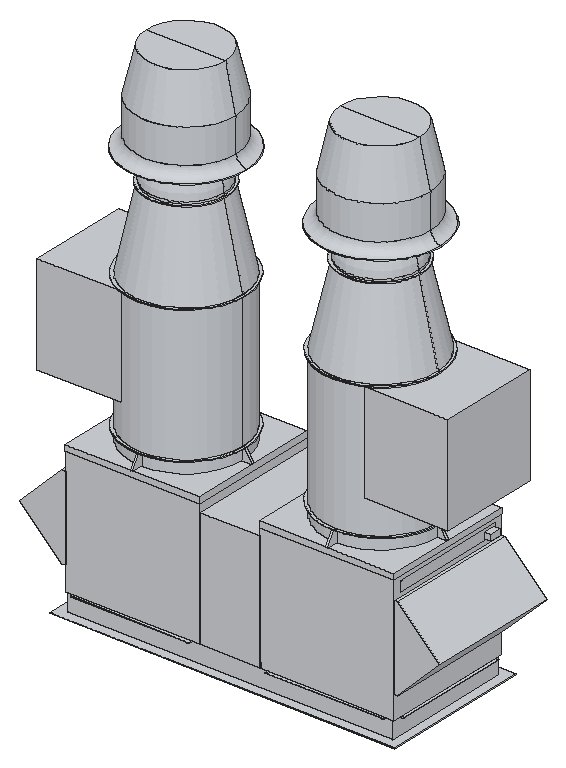
Revit family "QMXVP_with_1X2_Mixing_Box_Ends", category Mechanical Equipment, Revit 2019 (continued)
Types (225): name | UNIT_RADIUS+4" | UNIT_RADIUS*.6 | UNIT_RADIUS | UNIT_RAD+((A/2)+.25")+4" | UNIT_RAD+((A/2)+.25") | UNIT_OD | UNIT_HEIGHT*.75 | UNIT_HEIGHT | TYPE | TRANSITION_TOP | RO2/2 | RO/2 | RO | NOZZLE_WB_RAD-2" | NOZZLE_WB_RAD | NOZZLE_WB/4 | NOZZLE_TOP_RAD | NOZZLE_TOP_OD | NOZZLE_SIZE | NOZZLE_HEIGHT/7*2 | NOZZLE_HEIGHT | NOZZLE_BOTTOM_RAD | NOZZLE_WB_OD | NOZZLE_BOTTOM_ID | MB_HT/2 | MB_HT-2.75" | MB_HT+.25" | MB_HT | MB_A | LONG_RO/2 | LONG_RO | GA | E | DUAL_G | DUAL_F+1" | DUAL_F | C/2 | C | B/2 | B | A/2 | A+.5 | A | Type Comments | Model | -A | (NOZZLE_WB_OD-NOZZLE_TOP_OD)/2 | (NOZZLE_HEIGHT-(NOZZLE_HEIGHT/8*2))/2 | (A/2)-2" | (A/2)-.5" | (A/2)+.5" | (A/2)+.25"
  150_QMXHPVP-9L-1X2_Mixing_Box_Ends | 14 11/16" | 9.61875" | 10 11/16" | 29 15/16" | 25 15/16" | 21 3/8" | 22 1/2" | 30" | 12" | 54 1/4" | 11 15/32" | 11 15/32" | 22 15/16" | 9 1/2" | 11 1/2" | 4.6" | 6 3/4" | 13 1/2" | 108" | 7" | 28" | 6 13/32" | 23" | 12 13/16" | 17 19/32" | 32 7/16" | 35 7/16" | 35 3/16" | 38" | 30 17/32" | 61 1/16" | 27/256" | 29 1/8" | 67 5/16" | 69" | 68" | 21" | 42" | 43 1/2" | 87" | 15" | 30 1/2" | 30" | "Vari-Plume Laboratory Exhaust Mixed-Flow High Pressure Inline Belt Drive With 1X2 Mixing Box With Weather Hoods On Sides\r\n" | "QMXHPVP-1X2_Mixing Box_Sides" | -30" | 2 3/8" | 10 1/2" | 13" | -14 1/2" | -15 1/2" | 15 1/4"
  165_QMXHPVP-12H-1X2_Mixing_Box_Ends | 15 3/4" | 10.575" | 11 3/4" | 32" | 28" | 23 1/2" | 24 3/4" | 33" | 12" | 53 1/4" | 12 15/32" | 12 15/32" | 24 15/16" | 12" | 14" | 5.6" | 9 3/4" | 19 1/2" | 144" | 8" | 32" | 8 17/32" | 28" | 17 1/16" | 18 15/32" | 34 3/16" | 37 3/16" | 36 15/16" | 41" | 32 17/32" | 65 1/16" | 27/256" | 31 1/8" | 71 5/16" | 73" | 72" | 22" | 44" | 44 1/2" | 89" | 16" | 32 1/2" | 32" | "Vari-Plume Laboratory Exhaust Mixed-Flow High Pressure Inline Belt Drive With 1X2 Mixing Box With Weather Hoods On Sides\r\n" | "QMXHPVP-1X2_Mixing Box_Sides" | -32" | 2 1/8" | 12" | 14" | -15 1/2" | -16 1/2" | 16 1/4"
  165_QMXHPVP-12L-1X2_Mixing_Box_Ends | 15 3/4" | 10.575" | 11 3/4" | 32" | 28" | 23 1/2" | 24 3/4" | 33" | 12" | 53 1/4" | 12 15/32" | 12 15/32" | 24 15/16" | 12" | 14" | 5.6" | 9 3/4" | 19 1/2" | 144" | 8" | 32" | 8 17/32" | 28" | 17 1/16" | 18 15/32" | 34 3/16" | 37 3/16" | 36 15/16" | 41" | 32 17/32" | 65 1/16" | 27/256" | 31 1/8" | 71 5/16" | 73" | 72" | 22" | 44" | 44 1/2" | 89" | 16" | 32 1/2" | 32" | "Vari-Plume Laboratory Exhaust Mixed-Flow High Pressure Inline Belt Drive With 1X2 Mixing Box With Weather Hoods On Sides\r\n" | "QMXHPVP-1X2_Mixing Box_Sides" | -32" | 2 1/8" | 12" | 14" | -15 1/2" | -16 1/2" | 16 1/4"
  165_QMXHPVP-15H-1X2_Mixing_Box_Ends | 15 3/4" | 10.575" | 11 3/4" | 32" | 28" | 23 1/2" | 24 3/4" | 33" | 12" | 45 5/16" | 12 15/32" | 12 15/32" | 24 15/16" | 16" | 18" | 7.2" | 11 1/2" | 23" | 180" | 10 3/4" | 43" | 10 11/16" | 36" | 21 3/8" | 18 15/32" | 34 3/16" | 37 3/16" | 36 15/16" | 41" | 32 17/32" | 65 1/16" | 27/256" | 31 1/8" | 71 5/16" | 73" | 72" | 22" | 44" | 44 1/2" | 89" | 16" | 32 1/2" | 32" | "Vari-Plume Laboratory Exhaust Mixed-Flow High Pressure Inline Belt Drive With 1X2 Mixing Box With Weather Hoods On Sides\r\n" | "QMXHPVP-1X2_Mixing Box_Sides" | -32" | 3 1/4" | 16 1/8" | 14" | -15 1/2" | -16 1/2" | 16 1/4"
  165_QMXHPVP-15L-1X2_Mixing_Box_Ends | 15 3/4" | 10.575" | 11 3/4" | 32" | 28" | 23 1/2" | 24 3/4" | 33" | 12" | 45 5/16" | 12 15/32" | 12 15/32" | 24 15/16" | 16" | 18" | 7.2" | 11 1/2" | 23" | 180" | 10 3/4" | 43" | 10 11/16" | 36" | 21 3/8" | 18 15/32" | 34 3/16" | 37 3/16" | 36 15/16" | 41" | 32 17/32" | 65 1/16" | 27/256" | 31 1/8" | 71 5/16" | 73" | 72" | 22" | 44" | 44 1/2" | 89" | 16" | 32 1/2" | 32" | "Vari-Plume Laboratory Exhaust Mixed-Flow High Pressure Inline Belt Drive With 1X2 Mixing Box With Weather Hoods On Sides\r\n" | "QMXHPVP-1X2_Mixing Box_Sides" | -32" | 3 1/4" | 16 1/8" | 14" | -15 1/2" | -16 1/2" | 16 1/4"
  165_QMXHPVP-9H-1X2_Mixing_Box_Ends | 15 3/4" | 10.575" | 11 3/4" | 32" | 28" | 23 1/2" | 24 3/4" | 33" | 12" | 61 1/4" | 12 15/32" | 12 15/32" | 24 15/16" | 9 1/2" | 11 1/2" | 4.6" | 6 3/4" | 13 1/2" | 108" | 7" | 28" | 6 13/32" | 23" | 12 13/16" | 18 15/32" | 34 3/16" | 37 3/16" | 36 15/16" | 41" | 32 17/32" | 65 1/16" | 27/256" | 31 1/8" | 71 5/16" | 73" | 72" | 22" | 44" | 44 1/2" | 89" | 16" | 32 1/2" | 32" | "Vari-Plume Laboratory Exhaust Mixed-Flow High Pressure Inline Belt Drive With 1X2 Mixing Box With Weather Hoods On Sides\r\n" | "QMXHPVP-1X2_Mixing Box_Sides" | -32" | 2 3/8" | 10 1/2" | 14" | -15 1/2" | -16 1/2" | 16 1/4"
  165_QMXHPVP-9L-1X2_Mixing_Box_Ends | 15 3/4" | 10.575" | 11 3/4" | 32" | 28" | 23 1/2" | 24 3/4" | 33" | 12" | 61 1/4" | 12 15/32" | 12 15/32" | 24 15/16" | 9 1/2" | 11 1/2" | 4.6" | 6 3/4" | 13 1/2" | 108" | 7" | 28" | 6 13/32" | 23" | 12 13/16" | 18 15/32" | 34 3/16" | 37 3/16" | 36 15/16" | 41" | 32 17/32" | 65 1/16" | 27/256" | 31 1/8" | 71 5/16" | 73" | 72" | 22" | 44" | 44 1/2" | 89" | 16" | 32 1/2" | 32" | "Vari-Plume Laboratory Exhaust Mixed-Flow High Pressure Inline Belt Drive With 1X2 Mixing Box With Weather Hoods On Sides\r\n" | "QMXHPVP-1X2_Mixing Box_Sides" | -32" | 2 3/8" | 10 1/2" | 14" | -15 1/2" | -16 1/2" | 16 1/4"
  180_QMXHPVP-12H-1X2_Mixing_Box_Ends | 16 13/16" | 11 17/32" | 12 13/16" | 34 1/16" | 30 1/16" | 25 5/8" | 26 1/4" | 35" | 12" | 59 1/16" | 13 15/32" | 13 15/32" | 26 15/16" | 12" | 14" | 5.6" | 9 3/4" | 19 1/2" | 144" | 8" | 32" | 8 17/32" | 28" | 17 1/16" | 18 27/32" | 34 15/16" | 37 15/16" | 37 11/16" | 44" | 38 17/32" | 77 1/16" | 27/256" | 33 1/8" | 83 5/16" | 85" | 84" | 23" | 46" | 49" | 98" | 17" | 34 1/2" | 34" | "Vari-Plume Laboratory Exhaust Mixed-Flow High Pressure Inline Belt Drive With 1X2 Mixing Box With Weather Hoods On Sides\r\n" | "QMXHPVP-1X2_Mixing Box_Sides" | -34" | 2 1/8" | 12" | 15" | -16 1/2" | -17 1/2" | 17 1/4"
  180_QMXHPVP-12L-1X2_Mixing_Box_Ends | 16 13/16" | 11 17/32" | 12 13/16" | 34 1/16" | 30 1/16" | 25 5/8" | 26 1/4" | 35" | 12" | 59 1/16" | 13 15/32" | 13 15/32" | 26 15/16" | 12" | 14" | 5.6" | 9 3/4" | 19 1/2" | 144" | 8" | 32" | 8 17/32" | 28" | 17 1/16" | 18 27/32" | 34 15/16" | 37 15/16" | 37 11/16" | 44" | 38 17/32" | 77 1/16" | 27/256" | 33 1/8" | 83 5/16" | 85" | 84" | 23" | 46" | 49" | 98" | 17" | 34 1/2" | 34" | "Vari-Plume Laboratory Exhaust Mixed-Flow High Pressure Inline Belt Drive With 1X2 Mixing Box With Weather Hoods On Sides\r\n" | "QMXHPVP-1X2_Mixing Box_Sides" | -34" | 2 1/8" | 12" | 15" | -16 1/2" | -17 1/2" | 17 1/4"
  180_QMXHPVP-15H-1X2_Mixing_Box_Ends | 16 13/16" | 11 17/32" | 12 13/16" | 34 1/16" | 30 1/16" | 25 5/8" | 26 1/4" | 35" | 12" | 51 1/8" | 13 15/32" | 13 15/32" | 26 15/16" | 16" | 18" | 7.2" | 11 1/2" | 23" | 180" | 10 3/4" | 43" | 10 11/16" | 36" | 21 3/8" | 18 27/32" | 34 15/16" | 37 15/16" | 37 11/16" | 44" | 38 17/32" | 77 1/16" | 27/256" | 33 1/8" | 83 5/16" | 85" | 84" | 23" | 46" | 49" | 98" | 17" | 34 1/2" | 34" | "Vari-Plume Laboratory Exhaust Mixed-Flow High Pressure Inline Belt Drive With 1X2 Mixing Box With Weather Hoods On Sides\r\n" | "QMXHPVP-1X2_Mixing Box_Sides" | -34" | 3 1/4" | 16 1/8" | 15" | -16 1/2" | -17 1/2" | 17 1/4"
  180_QMXHPVP-15L-1X2_Mixing_Box_Ends | 16 13/16" | 11 17/32" | 12 13/16" | 34 1/16" | 30 1/16" | 25 5/8" | 26 1/4" | 35" | 12" | 51 1/8" | 13 15/32" | 13 15/32" | 26 15/16" | 16" | 18" | 7.2" | 11 1/2" | 23" | 180" | 10 3/4" | 43" | 10 11/16" | 36" | 21 3/8" | 18 27/32" | 34 15/16" | 37 15/16" | 37 11/16" | 44" | 38 17/32" | 77 1/16" | 27/256" | 33 1/8" | 83 5/16" | 85" | 84" | 23" | 46" | 49" | 98" | 17" | 34 1/2" | 34" | "Vari-Plume Laboratory Exhaust Mixed-Flow High Pressure Inline Belt Drive With 1X2 Mixing Box With Weather Hoods On Sides\r\n" | "QMXHPVP-1X2_Mixing Box_Sides" | -34" | 3 1/4" | 16 1/8" | 15" | -16 1/2" | -17 1/2" | 17 1/4"
  180_QMXHPVP-18H-1X2_Mixing_Box_Ends | 16 13/16" | 11 17/32" | 12 13/16" | 34 1/16" | 30 1/16" | 25 5/8" | 26 1/4" | 35" | 12" | 48 1/2" | 13 15/32" | 13 15/32" | 26 15/16" | 19 1/2" | 21 1/2" | 8.6" | 13 3/4" | 27 1/2" | 216" | 12" | 48" | 12 13/16" | 43" | 25 5/8" | 18 27/32" | 34 15/16" | 37 15/16" | 37 11/16" | 44" | 38 17/32" | 77 1/16" | 27/256" | 33 1/8" | 83 5/16" | 85" | 84" | 23" | 46" | 49" | 98" | 17" | 34 1/2" | 34" | "Vari-Plume Laboratory Exhaust Mixed-Flow High Pressure Inline Belt Drive With 1X2 Mixing Box With Weather Hoods On Sides\r\n" | "QMXHPVP-1X2_Mixing Box_Sides" | -34" | 3 7/8" | 18" | 15" | -16 1/2" | -17 1/2" | 17 1/4"
  180_QMXHPVP-18L-1X2_Mixing_Box_Ends | 16 13/16" | 11 17/32" | 12 13/16" | 34 1/16" | 30 1/16" | 25 5/8" | 26 1/4" | 35" | 12" | 48 1/2" | 13 15/32" | 13 15/32" | 26 15/16" | 19 1/2" | 21 1/2" | 8.6" | 13 3/4" | 27 1/2" | 216" | 12" | 48" | 12 13/16" | 43" | 25 5/8" | 18 27/32" | 34 15/16" | 37 15/16" | 37 11/16" | 44" | 38 17/32" | 77 1/16" | 27/256" | 33 1/8" | 83 5/16" | 85" | 84" | 23" | 46" | 49" | 98" | 17" | 34 1/2" | 34" | "Vari-Plume Laboratory Exhaust Mixed-Flow High Pressure Inline Belt Drive With 1X2 Mixing Box With Weather Hoods On Sides\r\n" | "QMXHPVP-1X2_Mixing Box_Sides" | -34" | 3 7/8" | 18" | 15" | -16 1/2" | -17 1/2" | 17 1/4"
  202_QMXHPVP-12H-1X2_Mixing_Box_Ends | 18 3/8" | 12 15/16" | 14 3/8" | 37 5/8" | 33 5/8" | 28 3/4" | 28 1/8" | 37 1/2" | 12" | 67 9/16" | 15 3/8" | 15 3/8" | 30 3/4" | 12" | 14" | 5.6" | 9 3/4" | 19 1/2" | 144" | 8" | 32" | 8 17/32" | 28" | 17 1/16" | 20 19/32" | 38 7/16" | 41 7/16" | 41 3/16" | 49" | 41 7/16" | 82 7/8" | 27/256" | 36 15/16" | 89 1/8" | 91" | 90" | 25" | 50" | 52" | 104" | 19" | 38 1/2" | 38" | "Vari-Plume Laboratory Exhaust Mixed-Flow High Pressure Inline Belt Drive With 1X2 Mixing Box With Weather Hoods On Sides\r\n" | "QMXHPVP-1X2_Mixing Box_Sides" | -38" | 2 1/8" | 12" | 17" | -18 1/2" | -19 1/2" | 19 1/4"
  202_QMXHPVP-12L-1X2_Mixing_Box_Ends | 18 3/8" | 12 15/16" | 14 3/8" | 37 5/8" | 33 5/8" | 28 3/4" | 28 1/8" | 37 1/2" | 12" | 67 9/16" | 15 3/8" | 15 3/8" | 30 3/4" | 12" | 14" | 5.6" | 9 3/4" | 19 1/2" | 144" | 8" | 32" | 8 17/32" | 28" | 17 1/16" | 20 19/32" | 38 7/16" | 41 7/16" | 41 3/16" | 49" | 41 7/16" | 82 7/8" | 27/256" | 36 15/16" | 89 1/8" | 91" | 90" | 25" | 50" | 52" | 104" | 19" | 38 1/2" | 38" | "Vari-Plume Laboratory Exhaust Mixed-Flow High Pressure Inline Belt Drive With 1X2 Mixing Box With Weather Hoods On Sides\r\n" | "QMXHPVP-1X2_Mixing Box_Sides" | -38" | 2 1/8" | 12" | 17" | -18 1/2" | -19 1/2" | 19 1/4"
  202_QMXHPVP-15H-1X2_Mixing_Box_Ends | 18 3/8" | 12 15/16" | 14 3/8" | 37 5/8" | 33 5/8" | 28 3/4" | 28 1/8" | 37 1/2" | 12" | 59 5/8" | 15 3/8" | 15 3/8" | 30 3/4" | 16" | 18" | 7.2" | 11 1/2" | 23" | 180" | 10 3/4" | 43" | 10 11/16" | 36" | 21 3/8" | 20 19/32" | 38 7/16" | 41 7/16" | 41 3/16" | 49" | 41 7/16" | 82 7/8" | 27/256" | 36 15/16" | 89 1/8" | 91" | 90" | 25" | 50" | 52" | 104" | 19" | 38 1/2" | 38" | "Vari-Plume Laboratory Exhaust Mixed-Flow High Pressure Inline Belt Drive With 1X2 Mixing Box With Weather Hoods On Sides\r\n" | "QMXHPVP-1X2_Mixing Box_Sides" | -38" | 3 1/4" | 16 1/8" | 17" | -18 1/2" | -19 1/2" | 19 1/4"
  202_QMXHPVP-15L-1X2_Mixing_Box_Ends | 18 3/8" | 12 15/16" | 14 3/8" | 37 5/8" | 33 5/8" | 28 3/4" | 28 1/8" | 37 1/2" | 12" | 59 5/8" | 15 3/8" | 15 3/8" | 30 3/4" | 16" | 18" | 7.2" | 11 1/2" | 23" | 180" | 10 3/4" | 43" | 10 11/16" | 36" | 21 3/8" | 20 19/32" | 38 7/16" | 41 7/16" | 41 3/16" | 49" | 41 7/16" | 82 7/8" | 27/256" | 36 15/16" | 89 1/8" | 91" | 90" | 25" | 50" | 52" | 104" | 19" | 38 1/2" | 38" | "Vari-Plume Laboratory Exhaust Mixed-Flow High Pressure Inline Belt Drive With 1X2 Mixing Box With Weather Hoods On Sides\r\n" | "QMXHPVP-1X2_Mixing Box_Sides" | -38" | 3 1/4" | 16 1/8" | 17" | -18 1/2" | -19 1/2" | 19 1/4"
  202_QMXHPVP-18H-1X2_Mixing_Box_Ends | 18 3/8" | 12 15/16" | 14 3/8" | 37 5/8" | 33 5/8" | 28 3/4" | 28 1/8" | 37 1/2" | 12" | 51 5/8" | 15 3/8" | 15 3/8" | 30 3/4" | 19 1/2" | 21 1/2" | 8.6" | 13 3/4" | 27 1/2" | 216" | 12" | 48" | 12 13/16" | 43" | 25 5/8" | 20 19/32" | 38 7/16" | 41 7/16" | 41 3/16" | 49" | 41 7/16" | 82 7/8" | 27/256" | 36 15/16" | 89 1/8" | 91" | 90" | 25" | 50" | 52" | 104" | 19" | 38 1/2" | 38" | "Vari-Plume Laboratory Exhaust Mixed-Flow High Pressure Inline Belt Drive With 1X2 Mixing Box With Weather Hoods On Sides\r\n" | "QMXHPVP-1X2_Mixing Box_Sides" | -38" | 3 7/8" | 18" | 17" | -18 1/2" | -19 1/2" | 19 1/4"
  202_QMXHPVP-18L-1X2_Mixing_Box_Ends | 18 3/8" | 12 15/16" | 14 3/8" | 37 5/8" | 33 5/8" | 28 3/4" | 28 1/8" | 37 1/2" | 12" | 51 5/8" | 15 3/8" | 15 3/8" | 30 3/4" | 19 1/2" | 21 1/2" | 8.6" | 13 3/4" | 27 1/2" | 216" | 12" | 48" | 12 13/16" | 43" | 25 5/8" | 20 19/32" | 38 7/16" | 41 7/16" | 41 3/16" | 49" | 41 7/16" | 82 7/8" | 27/256" | 36 15/16" | 89 1/8" | 91" | 90" | 25" | 50" | 52" | 104" | 19" | 38 1/2" | 38" | "Vari-Plume Laboratory Exhaust Mixed-Flow High Pressure Inline Belt Drive With 1X2 Mixing Box With Weather Hoods On Sides\r\n" | "QMXHPVP-1X2_Mixing Box_Sides" | -38" | 3 7/8" | 18" | 17" | -18 1/2" | -19 1/2" | 19 1/4"
  225_QMXHPVP-12H-1X2_Mixing_Box_Ends | 19 31/32" | 14.37188" | 15 31/32" | 41 7/32" | 37 7/32" | 31 15/16" | 30 3/4" | 41" | 12" | 77 1/16" | 17 3/8" | 17 3/8" | 34 3/4" | 12" | 14" | 5.6" | 9 3/4" | 19 1/2" | 144" | 8" | 32" | 8 17/32" | 28" | 17 1/16" | 21 19/32" | 40 7/16" | 43 7/16" | 43 3/16" | 54" | 42 15/16" | 85 7/8" | 27/256" | 40 15/16" | 92 1/8" | 94" | 93" | 28" | 56" | 56 1/2" | 113" | 21" | 42 1/2" | 42" | "Vari-Plume Laboratory Exhaust Mixed-Flow High Pressure Inline Belt Drive With 1X2 Mixing Box With Weather Hoods On Sides\r\n" | "QMXHPVP-1X2_Mixing Box_Sides" | -42" | 2 1/8" | 12" | 19" | -20 1/2" | -21 1/2" | 21 1/4"
  225_QMXHPVP-12L-1X2_Mixing_Box_Ends | 19 31/32" | 14.37188" | 15 31/32" | 41 7/32" | 37 7/32" | 31 15/16" | 30 3/4" | 41" | 12" | 77 1/16" | 17 3/8" | 17 3/8" | 34 3/4" | 12" | 14" | 5.6" | 9 3/4" | 19 1/2" | 144" | 8" | 32" | 8 17/32" | 28" | 17 1/16" | 21 19/32" | 40 7/16" | 43 7/16" | 43 3/16" | 54" | 42 15/16" | 85 7/8" | 27/256" | 40 15/16" | 92 1/8" | 94" | 93" | 28" | 56" | 56 1/2" | 113" | 21" | 42 1/2" | 42" | "Vari-Plume Laboratory Exhaust Mixed-Flow High Pressure Inline Belt Drive With 1X2 Mixing Box With Weather Hoods On Sides\r\n" | "QMXHPVP-1X2_Mixing Box_Sides" | -42" | 2 1/8" | 12" | 19" | -20 1/2" | -21 1/2" | 21 1/4"
  225_QMXHPVP-15H-1X2_Mixing_Box_Ends | 19 31/32" | 14.37188" | 15 31/32" | 41 7/32" | 37 7/32" | 31 15/16" | 30 3/4" | 41" | 12" | 69 1/8" | 17 3/8" | 17 3/8" | 34 3/4" | 16" | 18" | 7.2" | 11 1/2" | 23" | 180" | 10 3/4" | 43" | 10 11/16" | 36" | 21 3/8" | 21 19/32" | 40 7/16" | 43 7/16" | 43 3/16" | 54" | 42 15/16" | 85 7/8" | 27/256" | 40 15/16" | 92 1/8" | 94" | 93" | 28" | 56" | 56 1/2" | 113" | 21" | 42 1/2" | 42" | "Vari-Plume Laboratory Exhaust Mixed-Flow High Pressure Inline Belt Drive With 1X2 Mixing Box With Weather Hoods On Sides\r\n" | "QMXHPVP-1X2_Mixing Box_Sides" | -42" | 3 1/4" | 16 1/8" | 19" | -20 1/2" | -21 1/2" | 21 1/4"
  225_QMXHPVP-15L-1X2_Mixing_Box_Ends | 19 31/32" | 14.37188" | 15 31/32" | 41 7/32" | 37 7/32" | 31 15/16" | 30 3/4" | 41" | 12" | 69 1/8" | 17 3/8" | 17 3/8" | 34 3/4" | 16" | 18" | 7.2" | 11 1/2" | 23" | 180" | 10 3/4" | 43" | 10 11/16" | 36" | 21 3/8" | 21 19/32" | 40 7/16" | 43 7/16" | 43 3/16" | 54" | 42 15/16" | 85 7/8" | 27/256" | 40 15/16" | 92 1/8" | 94" | 93" | 28" | 56" | 56 1/2" | 113" | 21" | 42 1/2" | 42" | "Vari-Plume Laboratory Exhaust Mixed-Flow High Pressure Inline Belt Drive With 1X2 Mixing Box With Weather Hoods On Sides\r\n" | "QMXHPVP-1X2_Mixing Box_Sides" | -42" | 3 1/4" | 16 1/8" | 19" | -20 1/2" | -21 1/2" | 21 1/4"
  225_QMXVP-18H-1X2_Mixing_Box_Ends | 19 31/32" | 14.37188" | 15 31/32" | 41 7/32" | 37 7/32" | 31 15/16" | 30 3/4" | 41" | 0" | 61 1/8" | 17 3/8" | 17 3/8" | 34 3/4" | 19 1/2" | 21 1/2" | 8.6" | 13 3/4" | 27 1/2" | 216" | 12" | 48" | 12 13/16" | 43" | 25 5/8" | 21 19/32" | 40 7/16" | 43 7/16" | 43 3/16" | 54" | 42 15/16" | 85 7/8" | 27/256" | 40 15/16" | 92 1/8" | 94" | 93" | 28" | 56" | 56 1/2" | 113" | 21" | 42 1/2" | 42" | "Vari-Plume Laboratory Exhaust Mixed-Flow Inline Belt Drive With 1X2 Mixing Box With Weather Hoods On Sides\r\n" | "QMXVP-1X2_Mixing Box_Sides" | -42" | 3 7/8" | 18" | 19" | -20 1/2" | -21 1/2" | 21 1/4"
  225_QMXHPVP-18L-1X2_Mixing_Box_Ends | 19 31/32" | 14.37188" | 15 31/32" | 41 7/32" | 37 7/32" | 31 15/16" | 30 3/4" | 41" | 12" | 61 1/8" | 17 3/8" | 17 3/8" | 34 3/4" | 19 1/2" | 21 1/2" | 8.6" | 13 3/4" | 27 1/2" | 216" | 12" | 48" | 12 13/16" | 43" | 25 5/8" | 21 19/32" | 40 7/16" | 43 7/16" | 43 3/16" | 54" | 42 15/16" | 85 7/8" | 27/256" | 40 15/16" | 92 1/8" | 94" | 93" | 28" | 56" | 56 1/2" | 113" | 21" | 42 1/2" | 42" | "Vari-Plume Laboratory Exhaust Mixed-Flow High Pressure Inline Belt Drive With 1X2 Mixing Box With Weather Hoods On Sides\r\n" | "QMXHPVP-1X2_Mixing Box_Sides" | -42" | 3 7/8" | 18" | 19" | -20 1/2" | -21 1/2" | 21 1/4"
  225_QMXHPVP-18H-1X2_Mixing_Box_Ends | 19 31/32" | 14.37188" | 15 31/32" | 41 7/32" | 37 7/32" | 31 15/16" | 30 3/4" | 41" | 12" | 61 1/8" | 17 3/8" | 17 3/8" | 34 3/4" | 19 1/2" | 21 1/2" | 8.6" | 13 3/4" | 27 1/2" | 216" | 12" | 48" | 12 13/16" | 43" | 25 5/8" | 21 19/32" | 40 7/16" | 43 7/16" | 43 3/16" | 54" | 42 15/16" | 85 7/8" | 27/256" | 40 15/16" | 92 1/8" | 94" | 93" | 28" | 56" | 56 1/2" | 113" | 21" | 42 1/2" | 42" | "Vari-Plume Laboratory Exhaust Mixed-Flow High Pressure Inline Belt Drive With 1X2 Mixing Box With Weather Hoods On Sides\r\n" | "QMXHPVP-1X2_Mixing Box_Sides" | -42" | 3 7/8" | 18" | 19" | -20 1/2" | -21 1/2" | 21 1/4"
  245_QMXHPVP-15H-1X2_Mixing_Box_Ends | 21 3/8" | 15.6375" | 17 3/8" | 43 5/8" | 39 5/8" | 34 3/4" | 33 3/8" | 44 1/2" | 12" | 77 11/16" | 18 3/8" | 18 3/8" | 36 3/4" | 16" | 18" | 7.2" | 11 1/2" | 23" | 180" | 10 3/4" | 43" | 10 11/16" | 36" | 21 3/8" | 22 23/32" | 42 11/16" | 45 11/16" | 45 7/16" | 57" | 50 7/16" | 100 7/8" | 27/256" | 42 15/16" | 107 1/8" | 109" | 108" | 29 1/2" | 59" | 60 1/2" | 121" | 22" | 44 1/2" | 44" | "Vari-Plume Laboratory Exhaust Mixed-Flow High Pressure Inline Belt Drive With 1X2 Mixing Box With Weather Hoods On Sides\r\n" | "QMXHPVP-1X2_Mixing Box_Sides" | -44" | 3 1/4" | 16 1/8" | 20" | -21 1/2" | -22 1/2" | 22 1/4"
  245_QMXHPVP-15L-1X2_Mixing_Box_Ends | 21 3/8" | 15.6375" | 17 3/8" | 43 5/8" | 39 5/8" | 34 3/4" | 33 3/8" | 44 1/2" | 12" | 77 11/16" | 18 3/8" | 18 3/8" | 36 3/4" | 16" | 18" | 7.2" | 11 1/2" | 23" | 180" | 10 3/4" | 43" | 10 11/16" | 36" | 21 3/8" | 22 23/32" | 42 11/16" | 45 11/16" | 45 7/16" | 57" | 50 7/16" | 100 7/8" | 27/256" | 42 15/16" | 107 1/8" | 109" | 108" | 29 1/2" | 59" | 60 1/2" | 121" | 22" | 44 1/2" | 44" | "Vari-Plume Laboratory Exhaust Mixed-Flow High Pressure Inline Belt Drive With 1X2 Mixing Box With Weather Hoods On Sides\r\n" | "QMXHPVP-1X2_Mixing Box_Sides" | -44" | 3 1/4" | 16 1/8" | 20" | -21 1/2" | -22 1/2" | 22 1/4"
  245_QMXHPVP-18H-1X2_Mixing_Box_Ends | 21 3/8" | 15.6375" | 17 3/8" | 43 5/8" | 39 5/8" | 34 3/4" | 33 3/8" | 44 1/2" | 12" | 69 11/16" | 18 3/8" | 18 3/8" | 36 3/4" | 19 1/2" | 21 1/2" | 8.6" | 13 3/4" | 27 1/2" | 216" | 12" | 48" | 12 13/16" | 43" | 25 5/8" | 22 23/32" | 42 11/16" | 45 11/16" | 45 7/16" | 57" | 50 7/16" | 100 7/8" | 27/256" | 42 15/16" | 107 1/8" | 109" | 108" | 29 1/2" | 59" | 60 1/2" | 121" | 22" | 44 1/2" | 44" | "Vari-Plume Laboratory Exhaust Mixed-Flow High Pressure Inline Belt Drive With 1X2 Mixing Box With Weather Hoods On Sides\r\n" | "QMXHPVP-1X2_Mixing Box_Sides" | -44" | 3 7/8" | 18" | 20" | -21 1/2" | -22 1/2" | 22 1/4"
  245_QMXHPVP-18L-1X2_Mixing_Box_Ends | 21 3/8" | 15.6375" | 17 3/8" | 43 5/8" | 39 5/8" | 34 3/4" | 33 3/8" | 44 1/2" | 12" | 69 11/16" | 18 3/8" | 18 3/8" | 36 3/4" | 19 1/2" | 21 1/2" | 8.6" | 13 3/4" | 27 1/2" | 216" | 12" | 48" | 12 13/16" | 43" | 25 5/8" | 22 23/32" | 42 11/16" | 45 11/16" | 45 7/16" | 57" | 50 7/16" | 100 7/8" | 27/256" | 42 15/16" | 107 1/8" | 109" | 108" | 29 1/2" | 59" | 60 1/2" | 121" | 22" | 44 1/2" | 44" | "Vari-Plume Laboratory Exhaust Mixed-Flow High Pressure Inline Belt Drive With 1X2 Mixing Box With Weather Hoods On Sides\r\n" | "QMXHPVP-1X2_Mixing Box_Sides" | -44" | 3 7/8" | 18" | 20" | -21 1/2" | -22 1/2" | 22 1/4"
  245_QMXHPVP-24H-1X2_Mixing_Box_Ends | 21 3/8" | 15.6375" | 17 3/8" | 43 5/8" | 39 5/8" | 34 3/4" | 33 3/8" | 44 1/2" | 12" | 57 3/4" | 18 3/8" | 18 3/8" | 36 3/4" | 28 1/2" | 30 1/2" | 12.2" | 18 1/4" | 36 1/2" | 288" | 15 1/2" | 62" | 17 3/8" | 61" | 34 3/4" | 22 23/32" | 42 11/16" | 45 11/16" | 45 7/16" | 57" | 50 7/16" | 100 7/8" | 27/256" | 42 15/16" | 107 1/8" | 109" | 108" | 29 1/2" | 59" | 60 1/2" | 121" | 22" | 44 1/2" | 44" | "Vari-Plume Laboratory Exhaust Mixed-Flow High Pressure Inline Belt Drive With 1X2 Mixing Box With Weather Hoods On Sides\r\n" | "QMXHPVP-1X2_Mixing Box_Sides" | -44" | 6 1/8" | 23 1/4" | 20" | -21 1/2" | -22 1/2" | 22 1/4"
  245_QMXHPVP-24L-1X2_Mixing_Box_Ends | 21 3/8" | 15.6375" | 17 3/8" | 43 5/8" | 39 5/8" | 34 3/4" | 33 3/8" | 44 1/2" | 12" | 57 3/4" | 18 3/8" | 18 3/8" | 36 3/4" | 28 1/2" | 30 1/2" | 12.2" | 18 1/4" | 36 1/2" | 288" | 15 1/2" | 62" | 17 3/8" | 61" | 34 3/4" | 22 23/32" | 42 11/16" | 45 11/16" | 45 7/16" | 57" | 50 7/16" | 100 7/8" | 27/256" | 42 15/16" | 107 1/8" | 109" | 108" | 29 1/2" | 59" | 60 1/2" | 121" | 22" | 44 1/2" | 44" | "Vari-Plume Laboratory Exhaust Mixed-Flow High Pressure Inline Belt Drive With 1X2 Mixing Box With Weather Hoods On Sides\r\n" | "QMXHPVP-1X2_Mixing Box_Sides" | -44" | 6 1/8" | 23 1/4" | 20" | -21 1/2" | -22 1/2" | 22 1/4"
  270_QMXHPVP-15H-1X2_Mixing_Box_Ends | 23 5/32" | 17.24063" | 19 5/32" | 47 13/32" | 43 13/32" | 38 5/16" | 35 1/4" | 47" | 12" | 86 3/16" | 20 3/8" | 20 3/8" | 40 3/4" | 16" | 18" | 7.2" | 11 1/2" | 23" | 180" | 10 3/4" | 43" | 10 11/16" | 36" | 21 3/8" | 23 19/32" | 44 7/16" | 47 7/16" | 47 3/16" | 62" | 52 7/16" | 104 7/8" | 27/256" | 46 15/16" | 111 1/8" | 113" | 112" | 31 1/2" | 63" | 64" | 128" | 24" | 48 1/2" | 48" | "Vari-Plume Laboratory Exhaust Mixed-Flow High Pressure Inline Belt Drive With 1X2 Mixing Box With Weather Hoods On Sides\r\n" | "QMXHPVP-1X2_Mixing Box_Sides" | -48" | 3 1/4" | 16 1/8" | 22" | -23 1/2" | -24 1/2" | 24 1/4"
  270_QMXHPVP-15L-1X2_Mixing_Box_Ends | 23 5/32" | 17.24063" | 19 5/32" | 47 13/32" | 43 13/32" | 38 5/16" | 35 1/4" | 47" | 12" | 86 3/16" | 20 3/8" | 20 3/8" | 40 3/4" | 16" | 18" | 7.2" | 11 1/2" | 23" | 180" | 10 3/4" | 43" | 10 11/16" | 36" | 21 3/8" | 23 19/32" | 44 7/16" | 47 7/16" | 47 3/16" | 62" | 52 7/16" | 104 7/8" | 27/256" | 46 15/16" | 111 1/8" | 113" | 112" | 31 1/2" | 63" | 64" | 128" | 24" | 48 1/2" | 48" | "Vari-Plume Laboratory Exhaust Mixed-Flow High Pressure Inline Belt Drive With 1X2 Mixing Box With Weather Hoods On Sides\r\n" | "QMXHPVP-1X2_Mixing Box_Sides" | -48" | 3 1/4" | 16 1/8" | 22" | -23 1/2" | -24 1/2" | 24 1/4"
  270_QMXHPVP-18H-1X2_Mixing_Box_Ends | 23 5/32" | 17.24063" | 19 5/32" | 47 13/32" | 43 13/32" | 38 5/16" | 35 1/4" | 47" | 12" | 79 3/16" | 20 3/8" | 20 3/8" | 40 3/4" | 19 1/2" | 21 1/2" | 8.6" | 13 3/4" | 27 1/2" | 216" | 12" | 48" | 12 13/16" | 43" | 25 5/8" | 23 19/32" | 44 7/16" | 47 7/16" | 47 3/16" | 62" | 52 7/16" | 104 7/8" | 27/256" | 46 15/16" | 111 1/8" | 113" | 112" | 31 1/2" | 63" | 64" | 128" | 24" | 48 1/2" | 48" | "Vari-Plume Laboratory Exhaust Mixed-Flow High Pressure Inline Belt Drive With 1X2 Mixing Box With Weather Hoods On Sides\r\n" | "QMXHPVP-1X2_Mixing Box_Sides" | -48" | 3 7/8" | 18" | 22" | -23 1/2" | -24 1/2" | 24 1/4"
  270_QMXHPVP-18L-1X2_Mixing_Box_Ends | 23 5/32" | 17.24063" | 19 5/32" | 47 13/32" | 43 13/32" | 38 5/16" | 35 1/4" | 47" | 12" | 79 3/16" | 20 3/8" | 20 3/8" | 40 3/4" | 19 1/2" | 21 1/2" | 8.6" | 13 3/4" | 27 1/2" | 216" | 12" | 48" | 12 13/16" | 43" | 25 5/8" | 23 19/32" | 44 7/16" | 47 7/16" | 47 3/16" | 62" | 52 7/16" | 104 7/8" | 27/256" | 46 15/16" | 111 1/8" | 113" | 112" | 31 1/2" | 63" | 64" | 128" | 24" | 48 1/2" | 48" | "Vari-Plume Laboratory Exhaust Mixed-Flow High Pressure Inline Belt Drive With 1X2 Mixing Box With Weather Hoods On Sides\r\n" | "QMXHPVP-1X2_Mixing Box_Sides" | -48" | 3 7/8" | 18" | 22" | -23 1/2" | -24 1/2" | 24 1/4"
  270_QMXHPVP-24H-1X2_Mixing_Box_Ends | 23 5/32" | 17.24063" | 19 5/32" | 47 13/32" | 43 13/32" | 38 5/16" | 35 1/4" | 47" | 12" | 62 1/4" | 20 3/8" | 20 3/8" | 40 3/4" | 28 1/2" | 30 1/2" | 12.2" | 18 1/4" | 36 1/2" | 288" | 15 1/2" | 62" | 17 3/8" | 61" | 34 3/4" | 23 19/32" | 44 7/16" | 47 7/16" | 47 3/16" | 62" | 52 7/16" | 104 7/8" | 27/256" | 46 15/16" | 111 1/8" | 113" | 112" | 31 1/2" | 63" | 64" | 128" | 24" | 48 1/2" | 48" | "Vari-Plume Laboratory Exhaust Mixed-Flow High Pressure Inline Belt Drive With 1X2 Mixing Box With Weather Hoods On Sides\r\n" | "QMXHPVP-1X2_Mixing Box_Sides" | -48" | 6 1/8" | 23 1/4" | 22" | -23 1/2" | -24 1/2" | 24 1/4"
  270_QMXHPVP-24L-1X2_Mixing_Box_Ends | 23 5/32" | 17.24063" | 19 5/32" | 47 13/32" | 43 13/32" | 38 5/16" | 35 1/4" | 47" | 12" | 62 1/4" | 20 3/8" | 20 3/8" | 40 3/4" | 28 1/2" | 30 1/2" | 12.2" | 18 1/4" | 36 1/2" | 288" | 15 1/2" | 62" | 17 3/8" | 61" | 34 3/4" | 23 19/32" | 44 7/16" | 47 7/16" | 47 3/16" | 62" | 52 7/16" | 104 7/8" | 27/256" | 46 15/16" | 111 1/8" | 113" | 112" | 31 1/2" | 63" | 64" | 128" | 24" | 48 1/2" | 48" | "Vari-Plume Laboratory Exhaust Mixed-Flow High Pressure Inline Belt Drive With 1X2 Mixing Box With Weather Hoods On Sides\r\n" | "QMXHPVP-1X2_Mixing Box_Sides" | -48" | 6 1/8" | 23 1/4" | 22" | -23 1/2" | -24 1/2" | 24 1/4"
  300_QMXHPVP-18H-1X2_Mixing_Box_Ends | 25 1/4" | 19 1/8" | 21 1/4" | 51 1/2" | 47 1/2" | 42 1/2" | 40 1/2" | 54" | 12" | 94 3/16" | 22 3/8" | 22 3/8" | 44 3/4" | 19 1/2" | 21 1/2" | 8.6" | 13 3/4" | 27 1/2" | 216" | 12" | 48" | 12 13/16" | 43" | 25 5/8" | 25 7/32" | 47 11/16" | 50 11/16" | 50 7/16" | 68" | 62 7/16" | 124 7/8" | 27/256" | 50 15/16" | 131 1/8" | 133" | 132" | 33 1/2" | 67" | 74" | 148" | 26" | 52 1/2" | 52" | "Vari-Plume Laboratory Exhaust Mixed-Flow High Pressure Inline Belt Drive With 1X2 Mixing Box With Weather Hoods On Sides\r\n" | "QMXHPVP-1X2_Mixing Box_Sides" | -52" | 3 7/8" | 18" | 24" | -25 1/2" | -26 1/2" | 26 1/4"
  300_QMXHPVP-18L-1X2_Mixing_Box_Ends | 25 1/4" | 19 1/8" | 21 1/4" | 51 1/2" | 47 1/2" | 42 1/2" | 40 1/2" | 54" | 12" | 94 3/16" | 22 3/8" | 22 3/8" | 44 3/4" | 19 1/2" | 21 1/2" | 8.6" | 13 3/4" | 27 1/2" | 216" | 12" | 48" | 12 13/16" | 43" | 25 5/8" | 25 7/32" | 47 11/16" | 50 11/16" | 50 7/16" | 68" | 62 7/16" | 124 7/8" | 27/256" | 50 15/16" | 131 1/8" | 133" | 132" | 33 1/2" | 67" | 74" | 148" | 26" | 52 1/2" | 52" | "Vari-Plume Laboratory Exhaust Mixed-Flow High Pressure Inline Belt Drive With 1X2 Mixing Box With Weather Hoods On Sides\r\n" | "QMXHPVP-1X2_Mixing Box_Sides" | -52" | 3 7/8" | 18" | 24" | -25 1/2" | -26 1/2" | 26 1/4"
  300_QMXHPVP-24H-1X2_Mixing_Box_Ends | 25 1/4" | 19 1/8" | 21 1/4" | 51 1/2" | 47 1/2" | 42 1/2" | 40 1/2" | 54" | 12" | 77 1/4" | 22 3/8" | 22 3/8" | 44 3/4" | 28 1/2" | 30 1/2" | 12.2" | 18 1/4" | 36 1/2" | 288" | 15 1/2" | 62" | 17 3/8" | 61" | 34 3/4" | 25 7/32" | 47 11/16" | 50 11/16" | 50 7/16" | 68" | 62 7/16" | 124 7/8" | 27/256" | 50 15/16" | 131 1/8" | 133" | 132" | 33 1/2" | 67" | 74" | 148" | 26" | 52 1/2" | 52" | "Vari-Plume Laboratory Exhaust Mixed-Flow High Pressure Inline Belt Drive With 1X2 Mixing Box With Weather Hoods On Sides\r\n" | "QMXHPVP-1X2_Mixing Box_Sides" | -52" | 6 1/8" | 23 1/4" | 24" | -25 1/2" | -26 1/2" | 26 1/4"
  300_QMXHPVP-24L-1X2_Mixing_Box_Ends | 25 1/4" | 19 1/8" | 21 1/4" | 51 1/2" | 47 1/2" | 42 1/2" | 40 1/2" | 54" | 12" | 77 1/4" | 22 3/8" | 22 3/8" | 44 3/4" | 28 1/2" | 30 1/2" | 12.2" | 18 1/4" | 36 1/2" | 288" | 15 1/2" | 62" | 17 3/8" | 61" | 34 3/4" | 25 7/32" | 47 11/16" | 50 11/16" | 50 7/16" | 68" | 62 7/16" | 124 7/8" | 27/256" | 50 15/16" | 131 1/8" | 133" | 132" | 33 1/2" | 67" | 74" | 148" | 26" | 52 1/2" | 52" | "Vari-Plume Laboratory Exhaust Mixed-Flow High Pressure Inline Belt Drive With 1X2 Mixing Box With Weather Hoods On Sides\r\n" | "QMXHPVP-1X2_Mixing Box_Sides" | -52" | 6 1/8" | 23 1/4" | 24" | -25 1/2" | -26 1/2" | 26 1/4"
  300_QMXHPVP-30H-1X2_Mixing_Box_Ends | 25 1/4" | 19 1/8" | 21 1/4" | 51 1/2" | 47 1/2" | 42 1/2" | 40 1/2" | 54" | 12" | 68 1/4" | 22 3/8" | 22 3/8" | 44 3/4" | 35" | 37" | 14.8" | 22 3/4" | 45 1/2" | 360" | 19 1/2" | 78" | 21 1/4" | 74" | 42 1/2" | 25 7/32" | 47 11/16" | 50 11/16" | 50 7/16" | 68" | 62 7/16" | 124 7/8" | 27/256" | 50 15/16" | 131 1/8" | 133" | 132" | 33 1/2" | 67" | 74" | 148" | 26" | 52 1/2" | 52" | "Vari-Plume Laboratory Exhaust Mixed-Flow High Pressure Inline Belt Drive With 1X2 Mixing Box With Weather Hoods On Sides\r\n" | "QMXHPVP-1X2_Mixing Box_Sides" | -52" | 7 1/8" | 29 1/4" | 24" | -25 1/2" | -26 1/2" | 26 1/4"
  300_QMXHPVP-30L-1X2_Mixing_Box_Ends | 25 1/4" | 19 1/8" | 21 1/4" | 51 1/2" | 47 1/2" | 42 1/2" | 40 1/2" | 54" | 12" | 68 1/4" | 22 3/8" | 22 3/8" | 44 3/4" | 35" | 37" | 14.8" | 22 3/4" | 45 1/2" | 360" | 19 1/2" | 78" | 21 1/4" | 74" | 42 1/2" | 25 7/32" | 47 11/16" | 50 11/16" | 50 7/16" | 68" | 62 7/16" | 124 7/8" | 27/256" | 50 15/16" | 131 1/8" | 133" | 132" | 33 1/2" | 67" | 74" | 148" | 26" | 52 1/2" | 52" | "Vari-Plume Laboratory Exhaust Mixed-Flow High Pressure Inline Belt Drive With 1X2 Mixing Box With Weather Hoods On Sides\r\n" | "QMXHPVP-1X2_Mixing Box_Sides" | -52" | 7 1/8" | 29 1/4" | 24" | -25 1/2" | -26 1/2" | 26 1/4"
  330_QMXHPVP-24H-1X2_Mixing_Box_Ends | 27 3/8" | 21.0375" | 23 3/8" | 55 5/8" | 51 5/8" | 46 3/4" | 43 7/8" | 58 1/2" | 12" | 89 3/4" | 24 5/16" | 24 5/16" | 48 5/8" | 28 1/2" | 30 1/2" | 12.2" | 18 1/4" | 36 1/2" | 288" | 15 1/2" | 62" | 17 3/8" | 61" | 34 3/4" | 26 27/32" | 50 15/16" | 53 15/16" | 53 11/16" | 73" | 64 7/16" | 128 7/8" | 27/256" | 54 13/16" | 135 1/8" | 137" | 136" | 36 1/2" | 73" | 77" | 154" | 28" | 56 1/2" | 56" | "Vari-Plume Laboratory Exhaust Mixed-Flow High Pressure Inline Belt Drive With 1X2 Mixing Box With Weather Hoods On Sides\r\n" | "QMXHPVP-1X2_Mixing Box_Sides" | -56" | 6 1/8" | 23 1/4" | 26" | -27 1/2" | -28 1/2" | 28 1/4"
  330_QMXHPVP-24L-1X2_Mixing_Box_Ends | 27 3/8" | 21.0375" | 23 3/8" | 55 5/8" | 51 5/8" | 46 3/4" | 43 7/8" | 58 1/2" | 12" | 89 3/4" | 24 5/16" | 24 5/16" | 48 5/8" | 28 1/2" | 30 1/2" | 12.2" | 18 1/4" | 36 1/2" | 288" | 15 1/2" | 62" | 17 3/8" | 61" | 34 3/4" | 26 27/32" | 50 15/16" | 53 15/16" | 53 11/16" | 73" | 64 7/16" | 128 7/8" | 27/256" | 54 13/16" | 135 1/8" | 137" | 136" | 36 1/2" | 73" | 77" | 154" | 28" | 56 1/2" | 56" | "Vari-Plume Laboratory Exhaust Mixed-Flow High Pressure Inline Belt Drive With 1X2 Mixing Box With Weather Hoods On Sides\r\n" | "QMXHPVP-1X2_Mixing Box_Sides" | -56" | 6 1/8" | 23 1/4" | 26" | -27 1/2" | -28 1/2" | 28 1/4"
  330_QMXHPVP-30H-1X2_Mixing_Box_Ends | 27 3/8" | 21.0375" | 23 3/8" | 55 5/8" | 51 5/8" | 46 3/4" | 43 7/8" | 58 1/2" | 12" | 74 3/4" | 24 5/16" | 24 5/16" | 48 5/8" | 35" | 37" | 14.8" | 22 3/4" | 45 1/2" | 360" | 19 1/2" | 78" | 21 1/4" | 74" | 42 1/2" | 26 27/32" | 50 15/16" | 53 15/16" | 53 11/16" | 73" | 64 7/16" | 128 7/8" | 27/256" | 54 13/16" | 135 1/8" | 137" | 136" | 36 1/2" | 73" | 77" | 154" | 28" | 56 1/2" | 56" | "Vari-Plume Laboratory Exhaust Mixed-Flow High Pressure Inline Belt Drive With 1X2 Mixing Box With Weather Hoods On Sides\r\n" | "QMXHPVP-1X2_Mixing Box_Sides" | -56" | 7 1/8" | 29 1/4" | 26" | -27 1/2" | -28 1/2" | 28 1/4"
  330_QMXHPVP-30L-1X2_Mixing_Box_Ends | 27 3/8" | 21.0375" | 23 3/8" | 55 5/8" | 51 5/8" | 46 3/4" | 43 7/8" | 58 1/2" | 12" | 74 3/4" | 24 5/16" | 24 5/16" | 48 5/8" | 35" | 37" | 14.8" | 22 3/4" | 45 1/2" | 360" | 19 1/2" | 78" | 21 1/4" | 74" | 42 1/2" | 26 27/32" | 50 15/16" | 53 15/16" | 53 11/16" | 73" | 64 7/16" | 128 7/8" | 27/256" | 54 13/16" | 135 1/8" | 137" | 136" | 36 1/2" | 73" | 77" | 154" | 28" | 56 1/2" | 56" | "Vari-Plume Laboratory Exhaust Mixed-Flow High Pressure Inline Belt Drive With 1X2 Mixing Box With Weather Hoods On Sides\r\n" | "QMXHPVP-1X2_Mixing Box_Sides" | -56" | 7 1/8" | 29 1/4" | 26" | -27 1/2" | -28 1/2" | 28 1/4"
  365_QMXHPVP-24H-1X2_Mixing_Box_Ends | 29 7/8" | 23.2875" | 25 7/8" | 61 1/8" | 57 1/8" | 51 3/4" | 48" | 64" | 12" | 104 1/4" | 27 1/4" | 27 1/4" | 54 1/2" | 28 1/2" | 30 1/2" | 12.2" | 18 1/4" | 36 1/2" | 288" | 15 1/2" | 62" | 17 3/8" | 61" | 34 3/4" | 29 27/32" | 56 15/16" | 59 15/16" | 59 11/16" | 82" | 75 7/8" | 151 3/4" | 27/256" | 60 3/4" | 158" | 160" | 159" | 39 1/2" | 79" | 87 1/2" | 175" | 31" | 62 1/2" | 62" | "Vari-Plume Laboratory Exhaust Mixed-Flow High Pressure Inline Belt Drive With 1X2 Mixing Box With Weather Hoods On Sides\r\n" | "QMXHPVP-1X2_Mixing Box_Sides" | -62" | 6 1/8" | 23 1/4" | 29" | -30 1/2" | -31 1/2" | 31 1/4"
  365_QMXHPVP-24L-1X2_Mixing_Box_Ends | 29 7/8" | 23.2875" | 25 7/8" | 61 1/8" | 57 1/8" | 51 3/4" | 48" | 64" | 12" | 104 1/4" | 27 1/4" | 27 1/4" | 54 1/2" | 28 1/2" | 30 1/2" | 12.2" | 18 1/4" | 36 1/2" | 288" | 15 1/2" | 62" | 17 3/8" | 61" | 34 3/4" | 29 27/32" | 56 15/16" | 59 15/16" | 59 11/16" | 82" | 75 7/8" | 151 3/4" | 27/256" | 60 3/4" | 158" | 160" | 159" | 39 1/2" | 79" | 87 1/2" | 175" | 31" | 62 1/2" | 62" | "Vari-Plume Laboratory Exhaust Mixed-Flow High Pressure Inline Belt Drive With 1X2 Mixing Box With Weather Hoods On Sides\r\n" | "QMXHPVP-1X2_Mixing Box_Sides" | -62" | 6 1/8" | 23 1/4" | 29" | -30 1/2" | -31 1/2" | 31 1/4"
  365_QMXHPVP-30H-1X2_Mixing_Box_Ends | 29 7/8" | 23.2875" | 25 7/8" | 61 1/8" | 57 1/8" | 51 3/4" | 48" | 64" | 12" | 89 1/2" | 27 1/4" | 27 1/4" | 54 1/2" | 35" | 37" | 14.8" | 22 3/4" | 45 1/2" | 360" | 19 1/2" | 78" | 21 1/4" | 74" | 42 1/2" | 29 27/32" | 56 15/16" | 59 15/16" | 59 11/16" | 82" | 75 7/8" | 151 3/4" | 27/256" | 60 3/4" | 158" | 160" | 159" | 39 1/2" | 79" | 87 1/2" | 175" | 31" | 62 1/2" | 62" | "Vari-Plume Laboratory Exhaust Mixed-Flow High Pressure Inline Belt Drive With 1X2 Mixing Box With Weather Hoods On Sides\r\n" | "QMXHPVP-1X2_Mixing Box_Sides" | -62" | 7 1/8" | 29 1/4" | 29" | -30 1/2" | -31 1/2" | 31 1/4"
  365_QMXHPVP-30L-1X2_Mixing_Box_Ends | 29 7/8" | 23.2875" | 25 7/8" | 61 1/8" | 57 1/8" | 51 3/4" | 48" | 64" | 12" | 89 1/2" | 27 1/4" | 27 1/4" | 54 1/2" | 35" | 37" | 14.8" | 22 3/4" | 45 1/2" | 360" | 19 1/2" | 78" | 21 1/4" | 74" | 42 1/2" | 29 27/32" | 56 15/16" | 59 15/16" | 59 11/16" | 82" | 75 7/8" | 151 3/4" | 27/256" | 60 3/4" | 158" | 160" | 159" | 39 1/2" | 79" | 87 1/2" | 175" | 31" | 62 1/2" | 62" | "Vari-Plume Laboratory Exhaust Mixed-Flow High Pressure Inline Belt Drive With 1X2 Mixing Box With Weather Hoods On Sides\r\n" | "QMXHPVP-1X2_Mixing Box_Sides" | -62" | 7 1/8" | 29 1/4" | 29" | -30 1/2" | -31 1/2" | 31 1/4"
  365_QMXVP-36H-1X2_Mixing_Box_Ends | 29 7/8" | 23.2875" | 25 7/8" | 61 1/8" | 57 1/8" | 51 3/4" | 48" | 64" | 0" | 78 1/4" | 27 1/4" | 27 1/4" | 54 1/2" | 43" | 45" | 18" | 29" | 58" | 432" | 23 3/4" | 95" | 25 7/8" | 90" | 51 3/4" | 29 27/32" | 56 15/16" | 59 15/16" | 59 11/16" | 82" | 75 7/8" | 151 3/4" | 27/256" | 60 3/4" | 158" | 160" | 159" | 39 1/2" | 79" | 87 1/2" | 175" | 31" | 62 1/2" | 62" | "Vari-Plume Laboratory Exhaust Mixed-Flow Inline Belt Drive With 1X2 Mixing Box With Weather Hoods On Sides\r\n" | "QMXVP-1X2_Mixing Box_Sides" | -62" | 8" | 35 5/8" | 29" | -30 1/2" | -31 1/2" | 31 1/4"
  365_QMXHPVP-36L-1X2_Mixing_Box_Ends | 29 7/8" | 23.2875" | 25 7/8" | 61 1/8" | 57 1/8" | 51 3/4" | 48" | 64" | 12" | 78 1/4" | 27 1/4" | 27 1/4" | 54 1/2" | 43" | 45" | 18" | 29" | 58" | 432" | 23 3/4" | 95" | 25 7/8" | 90" | 51 3/4" | 29 27/32" | 56 15/16" | 59 15/16" | 59 11/16" | 82" | 75 7/8" | 151 3/4" | 27/256" | 60 3/4" | 158" | 160" | 159" | 39 1/2" | 79" | 87 1/2" | 175" | 31" | 62 1/2" | 62" | "Vari-Plume Laboratory Exhaust Mixed-Flow High Pressure Inline Belt Drive With 1X2 Mixing Box With Weather Hoods On Sides\r\n" | "QMXHPVP-1X2_Mixing Box_Sides" | -62" | 8" | 35 5/8" | 29" | -30 1/2" | -31 1/2" | 31 1/4"
  365_QMXHPVP-36H-1X2_Mixing_Box_Ends | 29 7/8" | 23.2875" | 25 7/8" | 61 1/8" | 57 1/8" | 51 3/4" | 48" | 64" | 12" | 78 1/4" | 27 1/4" | 27 1/4" | 54 1/2" | 43" | 45" | 18" | 29" | 58" | 432" | 23 3/4" | 95" | 25 7/8" | 90" | 51 3/4" | 29 27/32" | 56 15/16" | 59 15/16" | 59 11/16" | 82" | 75 7/8" | 151 3/4" | 27/256" | 60 3/4" | 158" | 160" | 159" | 39 1/2" | 79" | 87 1/2" | 175" | 31" | 62 1/2" | 62" | "Vari-Plume Laboratory Exhaust Mixed-Flow High Pressure Inline Belt Drive With 1X2 Mixing Box With Weather Hoods On Sides\r\n" | "QMXHPVP-1X2_Mixing Box_Sides" | -62" | 8" | 35 5/8" | 29" | -30 1/2" | -31 1/2" | 31 1/4"
  402_QMXHPVP-24H-1X2_Mixing_Box_Ends | 32 15/32" | 25.62188" | 28 15/32" | 66 7/32" | 62 7/32" | 56 15/16" | 51 3/8" | 68 1/2" | 12" | 118 3/4" | 29 23/32" | 29 23/32" | 59 7/16" | 28 1/2" | 30 1/2" | 12.2" | 18 1/4" | 36 1/2" | 288" | 15 1/2" | 62" | 17 3/8" | 61" | 34 3/4" | 32 31/32" | 63 3/16" | 66 3/16" | 65 15/16" | 90" | 78 3/8" | 156 3/4" | 27/256" | 65 3/4" | 163" | 165" | 164" | 44" | 88" | 91 1/2" | 183" | 33 1/2" | 67 1/2" | 67" | "Vari-Plume Laboratory Exhaust Mixed-Flow High Pressure Inline Belt Drive With 1X2 Mixing Box With Weather Hoods On Sides\r\n" | "QMXHPVP-1X2_Mixing Box_Sides" | -67" | 6 1/8" | 23 1/4" | 31 1/2" | -33" | -34" | 33 3/4"
  402_QMXHPVP-24L-1X2_Mixing_Box_Ends | 32 15/32" | 25.62188" | 28 15/32" | 66 7/32" | 62 7/32" | 56 15/16" | 51 3/8" | 68 1/2" | 12" | 118 3/4" | 29 23/32" | 29 23/32" | 59 7/16" | 28 1/2" | 30 1/2" | 12.2" | 18 1/4" | 36 1/2" | 288" | 15 1/2" | 62" | 17 3/8" | 61" | 34 3/4" | 32 31/32" | 63 3/16" | 66 3/16" | 65 15/16" | 90" | 78 3/8" | 156 3/4" | 27/256" | 65 3/4" | 163" | 165" | 164" | 44" | 88" | 91 1/2" | 183" | 33 1/2" | 67 1/2" | 67" | "Vari-Plume Laboratory Exhaust Mixed-Flow High Pressure Inline Belt Drive With 1X2 Mixing Box With Weather Hoods On Sides\r\n" | "QMXHPVP-1X2_Mixing Box_Sides" | -67" | 6 1/8" | 23 1/4" | 31 1/2" | -33" | -34" | 33 3/4"
  402_QMXHPVP-30H-1X2_Mixing_Box_Ends | 32 15/32" | 25.62188" | 28 15/32" | 66 7/32" | 62 7/32" | 56 15/16" | 51 3/8" | 68 1/2" | 12" | 103 3/4" | 29 23/32" | 29 23/32" | 59 7/16" | 35" | 37" | 14.8" | 22 3/4" | 45 1/2" | 360" | 19 1/2" | 78" | 21 1/4" | 74" | 42 1/2" | 32 31/32" | 63 3/16" | 66 3/16" | 65 15/16" | 90" | 78 3/8" | 156 3/4" | 27/256" | 65 3/4" | 163" | 165" | 164" | 44" | 88" | 91 1/2" | 183" | 33 1/2" | 67 1/2" | 67" | "Vari-Plume Laboratory Exhaust Mixed-Flow High Pressure Inline Belt Drive With 1X2 Mixing Box With Weather Hoods On Sides\r\n" | "QMXHPVP-1X2_Mixing Box_Sides" | -67" | 7 1/8" | 29 1/4" | 31 1/2" | -33" | -34" | 33 3/4"
  402_QMXHPVP-30L-1X2_Mixing_Box_Ends | 32 15/32" | 25.62188" | 28 15/32" | 66 7/32" | 62 7/32" | 56 15/16" | 51 3/8" | 68 1/2" | 12" | 103 3/4" | 29 23/32" | 29 23/32" | 59 7/16" | 35" | 37" | 14.8" | 22 3/4" | 45 1/2" | 360" | 19 1/2" | 78" | 21 1/4" | 74" | 42 1/2" | 32 31/32" | 63 3/16" | 66 3/16" | 65 15/16" | 90" | 78 3/8" | 156 3/4" | 27/256" | 65 3/4" | 163" | 165" | 164" | 44" | 88" | 91 1/2" | 183" | 33 1/2" | 67 1/2" | 67" | "Vari-Plume Laboratory Exhaust Mixed-Flow High Pressure Inline Belt Drive With 1X2 Mixing Box With Weather Hoods On Sides\r\n" | "QMXHPVP-1X2_Mixing Box_Sides" | -67" | 7 1/8" | 29 1/4" | 31 1/2" | -33" | -34" | 33 3/4"
  402_QMXHPVP-36H-1X2_Mixing_Box_Ends | 32 15/32" | 25.62188" | 28 15/32" | 66 7/32" | 62 7/32" | 56 15/16" | 51 3/8" | 68 1/2" | 12" | 86 3/4" | 29 23/32" | 29 23/32" | 59 7/16" | 43" | 45" | 18" | 29" | 58" | 432" | 23 3/4" | 95" | 25 7/8" | 90" | 51 3/4" | 32 31/32" | 63 3/16" | 66 3/16" | 65 15/16" | 90" | 78 3/8" | 156 3/4" | 27/256" | 65 3/4" | 163" | 165" | 164" | 44" | 88" | 91 1/2" | 183" | 33 1/2" | 67 1/2" | 67" | "Vari-Plume Laboratory Exhaust Mixed-Flow High Pressure Inline Belt Drive With 1X2 Mixing Box With Weather Hoods On Sides\r\n" | "QMXHPVP-1X2_Mixing Box_Sides" | -67" | 8" | 35 5/8" | 31 1/2" | -33" | -34" | 33 3/4"
  402_QMXHPVP-36L-1X2_Mixing_Box_Ends | 32 15/32" | 25.62188" | 28 15/32" | 66 7/32" | 62 7/32" | 56 15/16" | 51 3/8" | 68 1/2" | 12" | 86 3/4" | 29 23/32" | 29 23/32" | 59 7/16" | 43" | 45" | 18" | 29" | 58" | 432" | 23 3/4" | 95" | 25 7/8" | 90" | 51 3/4" | 32 31/32" | 63 3/16" | 66 3/16" | 65 15/16" | 90" | 78 3/8" | 156 3/4" | 27/256" | 65 3/4" | 163" | 165" | 164" | 44" | 88" | 91 1/2" | 183" | 33 1/2" | 67 1/2" | 67" | "Vari-Plume Laboratory Exhaust Mixed-Flow High Pressure Inline Belt Drive With 1X2 Mixing Box With Weather Hoods On Sides\r\n" | "QMXHPVP-1X2_Mixing Box_Sides" | -67" | 8" | 35 5/8" | 31 1/2" | -33" | -34" | 33 3/4"
  445_QMXHPVP-30H-1X2_Mixing_Box_Ends | 35 17/32" | 28.37813" | 31 17/32" | 72 25/32" | 68 25/32" | 63 1/16" | 55 1/2" | 74" | 12" | 121 1/4" | 33 7/32" | 33 7/32" | 66 7/16" | 35" | 37" | 14.8" | 22 3/4" | 45 1/2" | 360" | 19 1/2" | 78" | 21 1/4" | 74" | 42 1/2" | 37 27/32" | 72 15/16" | 75 15/16" | 75 11/16" | 102" | 81 7/8" | 163 3/4" | 27/256" | 72 5/8" | 170" | 172" | 171" | 47 1/2" | 95" | 100 1/2" | 201" | 37" | 74 1/2" | 74" | "Vari-Plume Laboratory Exhaust Mixed-Flow High Pressure Inline Belt Drive With 1X2 Mixing Box With Weather Hoods On Sides\r\n" | "QMXHPVP-1X2_Mixing Box_Sides" | -74" | 7 1/8" | 29 1/4" | 35" | -36 1/2" | -37 1/2" | 37 1/4"
  445_QMXHPVP-30L-1X2_Mixing_Box_Ends | 35 17/32" | 28.37813" | 31 17/32" | 72 25/32" | 68 25/32" | 63 1/16" | 55 1/2" | 74" | 12" | 121 1/4" | 33 7/32" | 33 7/32" | 66 7/16" | 35" | 37" | 14.8" | 22 3/4" | 45 1/2" | 360" | 19 1/2" | 78" | 21 1/4" | 74" | 42 1/2" | 37 27/32" | 72 15/16" | 75 15/16" | 75 11/16" | 102" | 81 7/8" | 163 3/4" | 27/256" | 72 5/8" | 170" | 172" | 171" | 47 1/2" | 95" | 100 1/2" | 201" | 37" | 74 1/2" | 74" | "Vari-Plume Laboratory Exhaust Mixed-Flow High Pressure Inline Belt Drive With 1X2 Mixing Box With Weather Hoods On Sides\r\n" | "QMXHPVP-1X2_Mixing Box_Sides" | -74" | 7 1/8" | 29 1/4" | 35" | -36 1/2" | -37 1/2" | 37 1/4"
  445_QMXHPVP-36H-1X2_Mixing_Box_Ends | 35 17/32" | 28.37813" | 31 17/32" | 72 25/32" | 68 25/32" | 63 1/16" | 55 1/2" | 74" | 12" | 103 1/4" | 33 7/32" | 33 7/32" | 66 7/16" | 43" | 45" | 18" | 29" | 58" | 432" | 23 3/4" | 95" | 25 7/8" | 90" | 51 3/4" | 37 27/32" | 72 15/16" | 75 15/16" | 75 11/16" | 102" | 81 7/8" | 163 3/4" | 27/256" | 72 5/8" | 170" | 172" | 171" | 47 1/2" | 95" | 100 1/2" | 201" | 37" | 74 1/2" | 74" | "Vari-Plume Laboratory Exhaust Mixed-Flow High Pressure Inline Belt Drive With 1X2 Mixing Box With Weather Hoods On Sides\r\n" | "QMXHPVP-1X2_Mixing Box_Sides" | -74" | 8" | 35 5/8" | 35" | -36 1/2" | -37 1/2" | 37 1/4"
  445_QMXHPVP-36L-1X2_Mixing_Box_Ends | 35 17/32" | 28.37813" | 31 17/32" | 72 25/32" | 68 25/32" | 63 1/16" | 55 1/2" | 74" | 12" | 103 1/4" | 33 7/32" | 33 7/32" | 66 7/16" | 43" | 45" | 18" | 29" | 58" | 432" | 23 3/4" | 95" | 25 7/8" | 90" | 51 3/4" | 37 27/32" | 72 15/16" | 75 15/16" | 75 11/16" | 102" | 81 7/8" | 163 3/4" | 27/256" | 72 5/8" | 170" | 172" | 171" | 47 1/2" | 95" | 100 1/2" | 201" | 37" | 74 1/2" | 74" | "Vari-Plume Laboratory Exhaust Mixed-Flow High Pressure Inline Belt Drive With 1X2 Mixing Box With Weather Hoods On Sides\r\n" | "QMXHPVP-1X2_Mixing Box_Sides" | -74" | 8" | 35 5/8" | 35" | -36 1/2" | -37 1/2" | 37 1/4"
  490_QMXHPVP-30H-1X2_Mixing_Box_Ends | 38 11/16" | 31 7/32" | 34 11/16" | 78 15/16" | 74 15/16" | 69 3/8" | 60 3/8" | 80 1/2" | 12" | 139 3/4" | 36 1/8" | 36 1/8" | 72 1/4" | 35" | 37" | 14.8" | 22 3/4" | 45 1/2" | 360" | 19 1/2" | 78" | 21 1/4" | 74" | 42 1/2" | 43 15/32" | 84 3/16" | 87 3/16" | 86 15/16" | 113" | 92 3/8" | 184 3/4" | 17/128" | 78 1/2" | 191" | 193" | 192" | 51 1/2" | 103" | 109 1/2" | 219" | 40" | 80 1/2" | 80" | "Vari-Plume Laboratory Exhaust Mixed-Flow High Pressure Inline Belt Drive With 1X2 Mixing Box With Weather Hoods On Sides\r\n" | "QMXHPVP-1X2_Mixing Box_Sides" | -80" | 7 1/8" | 29 1/4" | 38" | -39 1/2" | -40 1/2" | 40 1/4"
  490_QMXHPVP-30L-1X2_Mixing_Box_Ends | 38 11/16" | 31 7/32" | 34 11/16" | 78 15/16" | 74 15/16" | 69 3/8" | 60 3/8" | 80 1/2" | 12" | 139 3/4" | 36 1/8" | 36 1/8" | 72 1/4" | 35" | 37" | 14.8" | 22 3/4" | 45 1/2" | 360" | 19 1/2" | 78" | 21 1/4" | 74" | 42 1/2" | 43 15/32" | 84 3/16" | 87 3/16" | 86 15/16" | 113" | 92 3/8" | 184 3/4" | 17/128" | 78 1/2" | 191" | 193" | 192" | 51 1/2" | 103" | 109 1/2" | 219" | 40" | 80 1/2" | 80" | "Vari-Plume Laboratory Exhaust Mixed-Flow High Pressure Inline Belt Drive With 1X2 Mixing Box With Weather Hoods On Sides\r\n" | "QMXHPVP-1X2_Mixing Box_Sides" | -80" | 7 1/8" | 29 1/4" | 38" | -39 1/2" | -40 1/2" | 40 1/4"
  490_QMXHPVP-36H-1X2_Mixing_Box_Ends | 38 11/16" | 31 7/32" | 34 11/16" | 78 15/16" | 74 15/16" | 69 3/8" | 60 3/8" | 80 1/2" | 12" | 122 3/4" | 36 1/8" | 36 1/8" | 72 1/4" | 43" | 45" | 18" | 29" | 58" | 432" | 23 3/4" | 95" | 25 7/8" | 90" | 51 3/4" | 43 15/32" | 84 3/16" | 87 3/16" | 86 15/16" | 113" | 92 3/8" | 184 3/4" | 17/128" | 78 1/2" | 191" | 193" | 192" | 51 1/2" | 103" | 109 1/2" | 219" | 40" | 80 1/2" | 80" | "Vari-Plume Laboratory Exhaust Mixed-Flow High Pressure Inline Belt Drive With 1X2 Mixing Box With Weather Hoods On Sides\r\n" | "QMXHPVP-1X2_Mixing Box_Sides" | -80" | 8" | 35 5/8" | 38" | -39 1/2" | -40 1/2" | 40 1/4"
